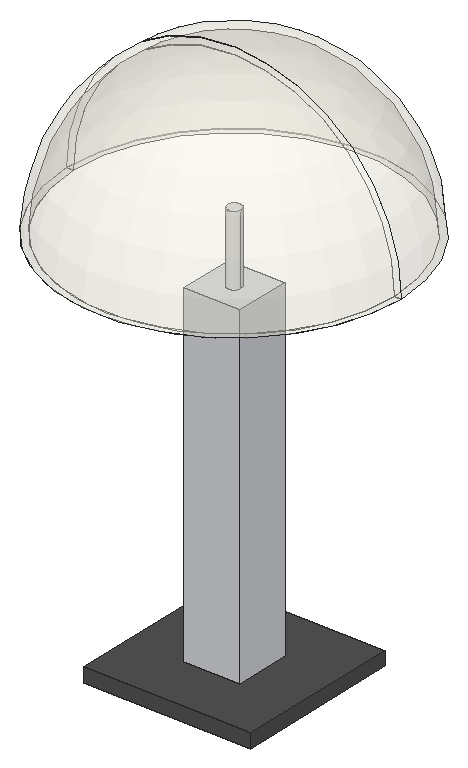
Revit family
Parameters (values of type "100 watt Incandescent")
  Wattage = 12.1178 W
  built-in parameter 1150110 = 1 (stored number, unit not read)
  built-in parameter 1114217 = 1 (stored number, unit not read)
  built-in parameter 1150109 = 1 (stored number, unit not read)
  built-in parameter 1150134 = 3
  built-in parameter 1150113 = 1 (stored number, unit not read)
  built-in parameter 1150105 = 143.24 (stored number, unit not read)
  built-in parameter 1150115 = 1 (stored number, unit not read)
  Light Source Symbol Size = 609.6 mm
  built-in parameter 1150137 = (empty or 0)
  built-in parameter 1150139 = (empty or 0)
  built-in parameter 1150112 = 1 (stored number, unit not read)
  built-in parameter 1150114 = 1 (stored number, unit not read)
  Lamp = "A-21"
  Lumens = 1800 lm
  Material Shade = Glass - Frosted
  Material Stand = Wood - Birch
  Wattage Comments = "100"
  Keynote = "V"
  built-in parameter 1150132 = 2
  built-in parameter 1150102 = (empty or 0)
  built-in parameter 1150107 = 3200 (stored number, unit not read)
  built-in parameter 1150138 = (empty or 0)
  built-in parameter 1150106 = 1.4324 (stored number, unit not read)
  built-in parameter 1150104 = 13.8 (stored number, unit not read)
  Dimming Lamp Color Temperature Shift = (empty or 0)
  Color Filter = 16777215
  built-in parameter 1114218 = 1 (stored number, unit not read)
  built-in parameter 1150133 = 10 (stored number, unit not read)
Types (3, lengths in mm): name | Wattage | built-in parameter 1150105 | Lamp | Lumens | Wattage Comments | built-in parameter 1150106
  (no name) | 12.1178 W | 143.24 (stored number, unit not read) | "A-21" | 1800 lm | "100" | 1.4324 (stored number, unit not read)
  60 watt Incandescent | 7.27067 W | 85.944 (stored number, unit not read) | "A-19" | 1080 lm | "60" | 0.85944 (stored number, unit not read)
  100 watt Incandescent | 12.1178 W | 143.24 (stored number, unit not read) | "A-21" | 1800 lm | "100" | 1.4324 (stored number, unit not read)
Reference planes
  plane 1 "Light Source Axis": y = 0
  plane 2: z = 0
  plane 3 "Light Source Axis": x = 0
  plane 4 "Light Source Elevation": z = 425.95
  plane 5: y = 25.4
  plane 6: y = -25.4
  plane 7: x = -25.4
  plane 8: x = 25.4
  plane 9: z = 560.558
  plane 10: z = 408.158
Forms (mm)
  Extrusion 1, solid, material "Metal - Chrome"
    sketch origin (0, 0, 0) x (1, 0, 0) y (0, 1, 0)
      loop
        line (-76.2, 76.2) -> (-76.2, -76.2) -> (76.2, -76.2) -> (76.2, 76.2) -> (-76.2, 76.2)
    from 12.7 to 25.4
  Revolve 2, solid, material "Metal - Chrome"
    sketch origin (0, 50.8, 0) x (1, 0, 0) y (0, 0, 1)
      loop
        line (53.975, 12.7) -> (53.975, 0)
        arc (53.975, 0) -> (62.955, 3.72) -> (66.675, 12.7) r 12.7
        line (66.675, 12.7) -> (53.975, 12.7)
      axis (50.8, 12.7) -> (50.8, 0)
    angle from 0 to 360
  Revolve 3, solid, material "Metal - Chrome"
    sketch origin (0.024, -50.8, 0) x (1, 0, 0) y (0, 0, 1)
      loop
        line (53.975, 12.7) -> (53.975, 0)
        arc (53.975, 0) -> (62.955, 3.72) -> (66.675, 12.7) r 12.7
        line (66.675, 12.7) -> (53.975, 12.7)
      axis (50.8, 12.7) -> (50.8, 0)
    angle from 0 to 360
  Revolve 4, solid, material "Metal - Chrome"
    sketch origin (-101.683, 50.8, 0) x (1, 0, 0) y (0, 0, 1)
      loop
        line (53.975, 12.7) -> (53.975, 0)
        arc (53.975, 0) -> (62.955, 3.72) -> (66.675, 12.7) r 12.7
        line (66.675, 12.7) -> (53.975, 12.7)
      axis (50.8, 12.7) -> (50.8, 0)
    angle from 0 to 360
  Revolve 5, solid, material "Metal - Chrome"
    sketch origin (-101.659, -50.8, 0) x (1, 0, 0) y (0, 0, 1)
      loop
        line (53.975, 12.7) -> (53.975, 0)
        arc (53.975, 0) -> (62.955, 3.72) -> (66.675, 12.7) r 12.7
        line (66.675, 12.7) -> (53.975, 12.7)
      axis (50.8, 12.7) -> (50.8, 0)
    angle from 0 to 360
  Extrusion 6, solid
    sketch origin (0, 0, 25.4) x (1, 0, 0) y (0, 1, 0)
      loop
        line (-25.4, -25.4) -> (25.4, -25.4) -> (25.4, 25.4) -> (-25.4, 25.4) -> (-25.4, -25.4)
    from 0 to 304.8
  Extrusion 7, solid
    sketch origin (0, 0, 330.2) x (1, 0, 0) y (0, 1, 0)
      loop
        circle (0, 0) r 6.35
    from 0 to 63.5
  Revolve 8, solid, material "Glass - Frosted" <- "Material Shade"
    sketch origin (0, 0, -36.048) x (1, 0, 0) y (0, 0, 1)
      loop
        line (0, 560.558) -> (0, 554.208)
        arc (0, 554.208) -> (103.273, 511.431) -> (146.05, 408.158) r 146.05
        line (146.05, 408.158) -> (152.4, 408.158)
        arc (152.4, 408.158) -> (107.763, 515.921) -> (0, 560.558) r 152.4
      axis (0, 560.558) -> (0, 408.158)
    angle from 0 to 360
Lines and regions (mm)
  symbolic lines
    curve 1: line (-76.2, 76.2, 0) -> (76.2, 76.2, 0)
    curve 2: line (-76.2, -76.2, 0) -> (-76.2, 76.2, 0)
    curve 3: line (76.2, -76.2, 0) -> (-76.2, -76.2, 0)
    curve 4: line (76.2, 76.2, 0) -> (76.2, -76.2, 0)
    curve 5: line (-25.4, 25.4, 0) -> (25.4, 25.4, 0)
    curve 6: line (-25.4, -25.4, 0) -> (-25.4, 25.4, 0)
    curve 7: line (25.4, -25.4, 0) -> (-25.4, -25.4, 0)
    curve 8: line (25.4, 25.4, 0) -> (25.4, -25.4, 0)
    curve 9: arc (152.4, 0, 0) -> (0, 152.4, 0) -> (-152.4, 0, 0) r 152.4
    curve 10: arc (-152.4, 0, 0) -> (0, -152.4, 0) -> (152.4, 0, 0) r 152.4
Dimensions and locks
  aligned and locked: plane 3 "Light Source Axis" to imposter light
  aligned and locked: plane 1 "Light Source Axis" to imposter light
  aligned and locked: plane 4 "Light Source Elevation" to imposter light
